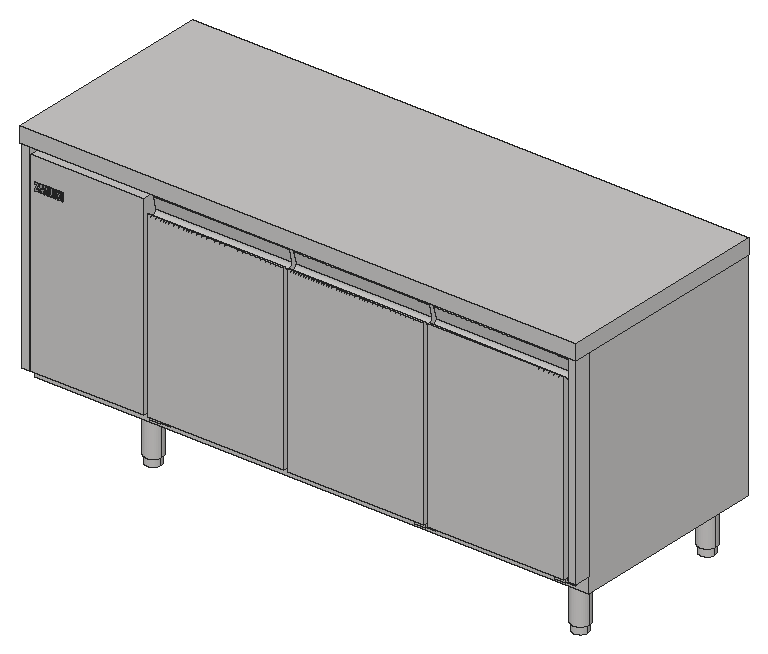
Revit family "QF_ZANUSSI_712804_ZHR3BL", category Attrezzature speciali, Revit 2018 (continued)
Definition of nested family "HPP_ZAN_BI_TN_L"
  Automatic sketch dimensions
    Split face 117 sketch curve to Extrusion 2 = 68.044 mm
    Split face 117 sketch curve to Extrusion 2 = 26.044 mm
    Split face 117 sketch curve to Extrusion 2 = 48.174 mm
    Split face 117 sketch curve to Split face 117 sketch curve = 4 mm
    Split face 118 sketch curve to Extrusion 2 = 80.956 mm
    Split face 118 sketch curve to Split face 118 sketch curve = 42 mm
    Split face 118 sketch curve to Extrusion 2 = 48.174 mm
    Split face 118 sketch curve to Split face 118 sketch curve = 4 mm
    Split face 119 sketch curve to Extrusion 2 = 56.174 mm
    Split face 119 sketch curve to Extrusion 2 = 123.044 mm
    Split face 119 sketch curve to Split face 119 sketch curve = 42 mm
    Split face 119 sketch curve to Split face 119 sketch curve = 4 mm
    Split face 120 sketch curve to Extrusion 2 = 25.956 mm
    Split face 120 sketch curve to Split face 120 sketch curve = 42 mm
    Split face 120 sketch curve to Extrusion 2 = 36.174 mm
    Split face 120 sketch curve to Split face 120 sketch curve = 4 mm
    Split face 121 sketch curve to Extrusion 2 = 44.174 mm
    Split face 121 sketch curve to Extrusion 2 = 68.044 mm
    Split face 121 sketch curve to Extrusion 2 = 26.044 mm
    Split face 121 sketch curve to Split face 121 sketch curve = 4 mm
    Split face 122 sketch curve to Extrusion 2 = 44.174 mm
    Split face 122 sketch curve to Extrusion 2 = 80.956 mm
    Split face 122 sketch curve to Split face 122 sketch curve = 42 mm
    Split face 122 sketch curve to Split face 122 sketch curve = 4 mm
    Split face 123 sketch curve to Extrusion 2 = 44.174 mm
    Split face 123 sketch curve to Extrusion 2 = 123.044 mm
    Split face 123 sketch curve to Split face 123 sketch curve = 42 mm
    Split face 123 sketch curve to Split face 123 sketch curve = 4 mm
    Split face 124 sketch curve to Extrusion 2 = 25.956 mm
    Split face 124 sketch curve to Split face 124 sketch curve = 42 mm
    Split face 124 sketch curve to Extrusion 2 = 24.174 mm
    Split face 124 sketch curve to Split face 124 sketch curve = 4 mm
    Split face 125 sketch curve to Extrusion 2 = 32.174 mm
    Split face 125 sketch curve to Extrusion 2 = 68.044 mm
    Split face 125 sketch curve to Extrusion 2 = 26.044 mm
    Split face 125 sketch curve to Split face 125 sketch curve = 4 mm
    Split face 126 sketch curve to Extrusion 2 = 32.174 mm
    Split face 126 sketch curve to Extrusion 2 = 80.956 mm
    Split face 126 sketch curve to Split face 126 sketch curve = 42 mm
    Split face 126 sketch curve to Split face 126 sketch curve = 4 mm
    Split face 127 sketch curve to Extrusion 2 = 32.174 mm
    Split face 127 sketch curve to Extrusion 2 = 123.044 mm
    Split face 127 sketch curve to Split face 127 sketch curve = 42 mm
    Split face 127 sketch curve to Split face 127 sketch curve = 4 mm
    Split face 128 sketch curve to Extrusion 2 = 25.956 mm
    Split face 128 sketch curve to Extrusion 2 = 16.174 mm
    Split face 128 sketch curve to Split face 128 sketch curve = 42 mm
    Split face 128 sketch curve to Split face 128 sketch curve = 4 mm
    Split face 129 sketch curve to Extrusion 2 = 20.174 mm
    Split face 129 sketch curve to Extrusion 2 = 68.044 mm
    Split face 129 sketch curve to Extrusion 2 = 26.044 mm
    Split face 129 sketch curve to Split face 129 sketch curve = 4 mm
    Split face 130 sketch curve to Extrusion 2 = 20.174 mm
    Split face 130 sketch curve to Extrusion 2 = 80.956 mm
    Split face 130 sketch curve to Extrusion 2 = 16.174 mm
    Split face 130 sketch curve to Split face 130 sketch curve = 42 mm
    Split face 131 sketch curve to Extrusion 2 = 20.174 mm
    Split face 131 sketch curve to Extrusion 2 = 123.044 mm
    Split face 131 sketch curve to Extrusion 2 = 16.174 mm
    Split face 131 sketch curve to Split face 131 sketch curve = 42 mm
    plane 4 to Extrusion 3 sketch curve = 17.166 mm
    Extrusion 3 sketch curve to Extrusion 3 sketch curve = 0.562 mm
    Extrusion 3 sketch curve to Extrusion 3 sketch curve = 5.406 mm
    Extrusion 3 sketch curve to Extrusion 3 sketch curve = 6.457 mm
    Extrusion 3 sketch curve to Extrusion 3 sketch curve = 5.755 mm
    Extrusion 3 sketch curve to Extrusion 3 sketch curve = 7.368 mm
    Extrusion 3 sketch curve to Extrusion 3 sketch curve = 0.734 mm
    Extrusion 3 sketch curve to Extrusion 3 sketch curve = 5.086 mm
    Extrusion 3 sketch curve to Extrusion 3 sketch curve = 5.054 mm
    Extrusion 3 sketch curve to Extrusion 3 sketch curve = 0.702 mm  (x4)
    Extrusion 3 sketch curve to Extrusion 3 sketch curve = 0.561 mm
    Extrusion 3 sketch curve to Extrusion 3 sketch curve = 3.369 mm  (x2)
    Extrusion 3 sketch curve to Extrusion 3 sketch curve = 2.807 mm
    Extrusion 3 sketch curve to Extrusion 3 sketch curve = 4.071 mm  (x2)
    Extrusion 3 sketch curve to Extrusion 3 sketch curve = 5.053 mm
    Extrusion 3 sketch curve to Extrusion 3 sketch curve = 5.114 mm
    Extrusion 3 sketch curve to Extrusion 3 sketch curve = 4.352 mm  (x2)
    Extrusion 3 sketch curve to Extrusion 3 sketch curve = 5.194 mm
    Extrusion 3 sketch curve to Extrusion 3 sketch curve = 4.913 mm  (x6)
    Extrusion 3 sketch curve to Extrusion 3 sketch curve = 5.334 mm
    Extrusion 3 sketch curve to Extrusion 3 sketch curve = 1.123 mm
    Extrusion 3 sketch curve to Extrusion 3 sketch curve = 1.444 mm
    Extrusion 3 sketch curve to Extrusion 3 sketch curve = 0.094 mm
    Extrusion 3 sketch curve to Extrusion 3 sketch curve = 2.948 mm
    Extrusion 3 sketch curve to Extrusion 3 sketch curve = 1.825 mm
    Extrusion 3 sketch curve to Extrusion 3 sketch curve = 3.004 mm
    Extrusion 3 sketch curve to Extrusion 3 sketch curve = 4.058 mm  (x2)
    Extrusion 3 sketch curve to Extrusion 3 sketch curve = 2.478 mm  (x2)
    Extrusion 3 sketch curve to Extrusion 3 sketch curve = 0.121 mm  (x4)
    Extrusion 3 sketch curve to Extrusion 3 sketch curve = 1.228 mm  (x2)
    Extrusion 3 sketch curve to Extrusion 3 sketch curve = 2.118 mm  (x2)
    Extrusion 3 sketch curve to Extrusion 3 sketch curve = 1.578 mm  (x2)
    Extrusion 3 sketch curve to Extrusion 3 sketch curve = 0.128 mm  (x2)
    Extrusion 3 sketch curve to Extrusion 3 sketch curve = 0.564 mm  (x2)
    Extrusion 3 sketch curve to Extrusion 3 sketch curve = 0.622 mm  (x2)
    Extrusion 3 sketch curve to Extrusion 3 sketch curve = 0.31 mm  (x2)
    Extrusion 3 sketch curve to Extrusion 3 sketch curve = 1.171 mm  (x2)
    Extrusion 3 sketch curve to Extrusion 3 sketch curve = 0.512 mm  (x2)
    Extrusion 3 sketch curve to Extrusion 3 sketch curve = 0.123 mm  (x2)
    Extrusion 3 sketch curve to Extrusion 3 sketch curve = 0.02 mm  (x2)
    Extrusion 3 sketch curve to Extrusion 3 sketch curve = 1.774 mm  (x2)
    Extrusion 3 sketch curve to Extrusion 3 sketch curve = 1.52 mm
    Extrusion 3 sketch curve to Extrusion 3 sketch curve = 1.351 mm
    Extrusion 3 sketch curve to Extrusion 3 sketch curve = 4.632 mm  (x3)
    Extrusion 3 sketch curve to Extrusion 3 sketch curve = 0.076 mm  (x2)
    Extrusion 3 sketch curve to Extrusion 3 sketch curve = 3.79 mm
    Extrusion 3 sketch curve to Extrusion 3 sketch curve = 0.099 mm
    Extrusion 3 sketch curve to Extrusion 3 sketch curve = 1.668 mm
    Extrusion 3 sketch curve to Extrusion 3 sketch curve = 2.203 mm
    Extrusion 3 sketch curve to Extrusion 3 sketch curve = 2.87 mm
    Extrusion 3 sketch curve to Extrusion 3 sketch curve = 0.944 mm
    Extrusion 3 sketch curve to Extrusion 3 sketch curve = 5.408 mm
    Extrusion 3 sketch curve to Extrusion 3 sketch curve = 0.724 mm
    Extrusion 3 sketch curve to plane 6 = 98.623 mm
    Extrusion 3 sketch curve to Extrusion 3 sketch curve = 0 mm  (x13)
    Extrusion 3 sketch curve to Extrusion 3 sketch curve = 3.713 mm
    Extrusion 3 sketch curve to Extrusion 3 sketch curve = 1.341 mm
    Extrusion 3 sketch curve to Extrusion 3 sketch curve = 0.181 mm
    Extrusion 3 sketch curve to Extrusion 3 sketch curve = 2.372 mm  (x2)
    Extrusion 3 sketch curve to Extrusion 3 sketch curve = 0.043 mm  (x2)
    Extrusion 3 sketch curve to Extrusion 3 sketch curve = 0.08 mm  (x2)
    Extrusion 3 sketch curve to Extrusion 3 sketch curve = 6.582 mm
    Extrusion 3 sketch curve to Extrusion 3 sketch curve = 2.869 mm
    Extrusion 3 sketch curve to Extrusion 3 sketch curve = 0.739 mm  (x2)
    Extrusion 3 sketch curve to Extrusion 3 sketch curve = 1.344 mm  (x2)
    Extrusion 3 sketch curve to Extrusion 3 sketch curve = 0.997 mm
    Extrusion 3 sketch curve to Extrusion 3 sketch curve = 1.644 mm
    Extrusion 3 sketch curve to Extrusion 3 sketch curve = 1.841 mm
    Extrusion 3 sketch curve to Extrusion 3 sketch curve = 0.915 mm
    Extrusion 3 sketch curve to Extrusion 3 sketch curve = 2.767 mm
    Extrusion 3 sketch curve to Extrusion 3 sketch curve = 1.036 mm  (x2)
    Extrusion 3 sketch curve to Extrusion 3 sketch curve = 1.835 mm  (x2)
    Extrusion 3 sketch curve to Extrusion 3 sketch curve = 3.155 mm
    Extrusion 3 sketch curve to Extrusion 3 sketch curve = 4.449 mm
    Extrusion 3 sketch curve to Extrusion 3 sketch curve = 7.159 mm
    Extrusion 3 sketch curve to Extrusion 3 sketch curve = 4.846 mm  (x2)
    Extrusion 3 sketch curve to Extrusion 3 sketch curve = 5.13 mm
    Extrusion 3 sketch curve to Extrusion 3 sketch curve = 0.393 mm  (x2)
    Extrusion 3 sketch curve to Extrusion 3 sketch curve = 1.409 mm  (x2)
    Extrusion 3 sketch curve to Extrusion 3 sketch curve = 2.182 mm  (x2)
    Extrusion 3 sketch curve to Extrusion 3 sketch curve = 0.905 mm  (x2)
    Extrusion 3 sketch curve to Extrusion 3 sketch curve = 1.201 mm  (x2)
    Extrusion 3 sketch curve to Extrusion 3 sketch curve = 0.022 mm  (x2)
    Extrusion 3 sketch curve to Extrusion 3 sketch curve = 0.182 mm  (x2)
    Extrusion 3 sketch curve to Extrusion 3 sketch curve = 14.599 mm
    Extrusion 3 sketch curve to Extrusion 3 sketch curve = 0.14 mm
    Extrusion 3 sketch curve to Extrusion 3 sketch curve = 10.917 mm
    Extrusion 3 sketch curve to Extrusion 3 sketch curve = 0.281 mm
    Extrusion 3 sketch curve to Extrusion 3 sketch curve = 0.45 mm  (x2)
    Extrusion 3 sketch curve to Extrusion 3 sketch curve = 8.142 mm
    Extrusion 3 sketch curve to Extrusion 3 sketch curve = 4.492 mm
    Extrusion 3 sketch curve to Extrusion 3 sketch curve = 0.593 mm
    Extrusion 3 sketch curve to Extrusion 3 sketch curve = 4.345 mm
    Extrusion 3 sketch curve to Extrusion 3 sketch curve = 0.9 mm  (x2)
    Extrusion 3 sketch curve to Extrusion 3 sketch curve = 3.017 mm
    Extrusion 3 sketch curve to Extrusion 3 sketch curve = 0.952 mm  (x2)
    Extrusion 3 sketch curve to Extrusion 3 sketch curve = 1.658 mm
    Extrusion 3 sketch curve to Extrusion 3 sketch curve = 1.516 mm
    Split face 132 sketch curve to Extrusion 2 = 44.591 mm
    Split face 132 sketch curve to Extrusion 2 = 79.124 mm
    Split face 132 sketch curve to Split face 132 sketch curve = 36.471 mm
    Split face 132 sketch curve to Split face 132 sketch curve = 29.3 mm
    Split face 132 sketch curve to Split face 132 sketch curve = 19.479 mm
    Split face 132 sketch curve to Split face 132 sketch curve = 15.459 mm
    Split face 132 sketch curve to Split face 132 sketch curve = 0 mm
    Split face 132 sketch curve to Split face 132 sketch curve = 17.186 mm
    Split face 133 sketch curve to Extrusion 2 = 49.463 mm
    Split face 133 sketch curve to Extrusion 2 = 79.643 mm
    Split face 133 sketch curve to Split face 133 sketch curve = 36.278 mm
    Split face 133 sketch curve to Split face 133 sketch curve = 25.875 mm
    Split face 133 sketch curve to Split face 133 sketch curve = 7.776 mm
    Split face 133 sketch curve to Split face 133 sketch curve = 17.461 mm
    Split face 133 sketch curve to Split face 133 sketch curve = 0 mm
    Split face 133 sketch curve to Split face 133 sketch curve = 18.204 mm
    Split face 134 sketch curve to Extrusion 2 = 55.5 mm
    Split face 134 sketch curve to Split face 134 sketch curve = 7.5 mm  (x2)
    Split face 134 sketch curve to Extrusion 2 = 85.5 mm
    Split face 135 sketch curve to Extrusion 2 = 65 mm
    Split face 135 sketch curve to Split face 135 sketch curve = 7.5 mm  (x2)
    Split face 135 sketch curve to Extrusion 2 = 85.5 mm
    Split face 136 sketch curve to Extrusion 2 = 65 mm
    Split face 136 sketch curve to Split face 136 sketch curve = 7.5 mm  (x2)
    Split face 136 sketch curve to Extrusion 2 = 95 mm
    Split face 137 sketch curve to Extrusion 2 = 55.5 mm
    Split face 137 sketch curve to Split face 137 sketch curve = 7.5 mm  (x2)
    Split face 137 sketch curve to Extrusion 2 = 95 mm
    Split face 138 sketch curve to Extrusion 2 = 178.044 mm
    Split face 138 sketch curve to Split face 138 sketch curve = 42 mm
    Split face 138 sketch curve to Extrusion 2 = 128.176 mm
    Split face 138 sketch curve to Split face 138 sketch curve = 4 mm
    Split face 139 sketch curve to Extrusion 2 = 178.044 mm
    Split face 139 sketch curve to Split face 139 sketch curve = 42 mm
    Split face 139 sketch curve to Extrusion 2 = 140.176 mm
    Split face 139 sketch curve to Split face 139 sketch curve = 4 mm
    Split face 140 sketch curve to Extrusion 2 = 178.044 mm
    Split face 140 sketch curve to Split face 140 sketch curve = 42 mm
    Split face 140 sketch curve to Extrusion 2 = 152.176 mm
    Split face 140 sketch curve to Split face 140 sketch curve = 4 mm
    Split face 141 sketch curve to Extrusion 2 = 178.044 mm
    Split face 141 sketch curve to Split face 141 sketch curve = 42 mm
    Split face 141 sketch curve to Extrusion 2 = 164.176 mm
    Split face 141 sketch curve to Split face 141 sketch curve = 4 mm
    Split face 142 sketch curve to Extrusion 2 = 178.044 mm
    Split face 142 sketch curve to Split face 142 sketch curve = 42 mm
    Split face 142 sketch curve to Extrusion 2 = 176.176 mm
    Split face 142 sketch curve to Split face 142 sketch curve = 4 mm
    Split face 143 sketch curve to Extrusion 2 = 178.044 mm
    Split face 143 sketch curve to Split face 143 sketch curve = 42 mm
    Split face 143 sketch curve to Extrusion 2 = 188.176 mm
    Split face 143 sketch curve to Split face 143 sketch curve = 4 mm
    Split face 144 sketch curve to Extrusion 2 = 178.044 mm
    Split face 144 sketch curve to Split face 144 sketch curve = 42 mm
    Split face 144 sketch curve to Extrusion 2 = 200.176 mm
    Split face 144 sketch curve to Split face 144 sketch curve = 4 mm
    Split face 145 sketch curve to Extrusion 2 = 178.044 mm
    Split face 145 sketch curve to Split face 145 sketch curve = 42 mm
    Split face 145 sketch curve to Extrusion 2 = 212.176 mm
    Split face 145 sketch curve to Split face 145 sketch curve = 4 mm
    Split face 146 sketch curve to Extrusion 2 = 178.044 mm
    Split face 146 sketch curve to Split face 146 sketch curve = 42 mm
    Split face 146 sketch curve to Extrusion 2 = 224.176 mm
    Split face 146 sketch curve to Split face 146 sketch curve = 4 mm
    Split face 147 sketch curve to Extrusion 2 = 178.044 mm
    Split face 147 sketch curve to Split face 147 sketch curve = 42 mm
    Split face 147 sketch curve to Extrusion 2 = 236.176 mm
    Split face 147 sketch curve to Split face 147 sketch curve = 4 mm
    Split face 148 sketch curve to Extrusion 2 = 178.044 mm
    Split face 148 sketch curve to Split face 148 sketch curve = 42 mm
    Split face 148 sketch curve to Extrusion 2 = 248.176 mm
    Split face 148 sketch curve to Split face 148 sketch curve = 4 mm
    Split face 149 sketch curve to Extrusion 2 = 178.044 mm
    Split face 149 sketch curve to Split face 149 sketch curve = 42 mm
    Split face 149 sketch curve to Extrusion 2 = 260.176 mm
    Split face 149 sketch curve to Split face 149 sketch curve = 4 mm
    Split face 150 sketch curve to Extrusion 2 = 178.044 mm
    Split face 150 sketch curve to Split face 150 sketch curve = 42 mm
    Split face 150 sketch curve to Extrusion 2 = 272.176 mm
    Split face 150 sketch curve to Split face 150 sketch curve = 4 mm
    Split face 151 sketch curve to Extrusion 2 = 178.044 mm
    Split face 151 sketch curve to Split face 151 sketch curve = 42 mm
    Split face 151 sketch curve to Extrusion 2 = 284.176 mm
    Split face 151 sketch curve to Split face 151 sketch curve = 4 mm
    Split face 152 sketch curve to Extrusion 2 = 178.044 mm
    Split face 152 sketch curve to Split face 152 sketch curve = 42 mm
    Split face 152 sketch curve to Extrusion 2 = 296.176 mm
    Split face 152 sketch curve to Split face 152 sketch curve = 4 mm
    Split face 153 sketch curve to Extrusion 2 = 178.044 mm
    Split face 153 sketch curve to Split face 153 sketch curve = 42 mm
    Split face 153 sketch curve to Extrusion 2 = 308.176 mm
    Split face 153 sketch curve to Split face 153 sketch curve = 4 mm
    Split face 154 sketch curve to Extrusion 2 = 178.044 mm
    Split face 154 sketch curve to Split face 154 sketch curve = 42 mm
    Split face 154 sketch curve to Extrusion 2 = 192.174 mm
    Split face 154 sketch curve to Split face 154 sketch curve = 4 mm
    Split face 155 sketch curve to Extrusion 2 = 178.044 mm
    Split face 155 sketch curve to Split face 155 sketch curve = 42 mm
    Split face 155 sketch curve to Extrusion 2 = 180.174 mm
    Split face 155 sketch curve to Split face 155 sketch curve = 4 mm
    Split face 156 sketch curve to Extrusion 2 = 178.044 mm
    Split face 156 sketch curve to Split face 156 sketch curve = 42 mm
    Split face 156 sketch curve to Extrusion 2 = 168.174 mm
    Split face 156 sketch curve to Split face 156 sketch curve = 4 mm
    Split face 157 sketch curve to Extrusion 2 = 178.044 mm
    Split face 157 sketch curve to Split face 157 sketch curve = 42 mm
    Split face 157 sketch curve to Extrusion 2 = 156.174 mm
    Split face 157 sketch curve to Split face 157 sketch curve = 4 mm
    Split face 158 sketch curve to Extrusion 2 = 178.044 mm
    Split face 158 sketch curve to Split face 158 sketch curve = 42 mm
    Split face 158 sketch curve to Extrusion 2 = 144.174 mm
    Split face 158 sketch curve to Split face 158 sketch curve = 4 mm
    Split face 159 sketch curve to Extrusion 2 = 178.044 mm
    Split face 159 sketch curve to Split face 159 sketch curve = 42 mm
    Split face 159 sketch curve to Extrusion 2 = 132.174 mm
    Split face 159 sketch curve to Split face 159 sketch curve = 4 mm
    Split face 160 sketch curve to Extrusion 2 = 178.044 mm
    Split face 160 sketch curve to Split face 160 sketch curve = 42 mm
    Split face 160 sketch curve to Extrusion 2 = 120.174 mm
    Split face 160 sketch curve to Split face 160 sketch curve = 4 mm
    Split face 161 sketch curve to Extrusion 2 = 116.174 mm
    Split face 161 sketch curve to Extrusion 2 = 178.044 mm
    Split face 161 sketch curve to Split face 161 sketch curve = 42 mm
    Split face 161 sketch curve to Split face 161 sketch curve = 4 mm
    Split face 162 sketch curve to Extrusion 2 = 104.174 mm
    Split face 162 sketch curve to Extrusion 2 = 178.044 mm
    Split face 162 sketch curve to Split face 162 sketch curve = 42 mm
    Split face 162 sketch curve to Split face 162 sketch curve = 4 mm
    Split face 163 sketch curve to Extrusion 2 = 92.174 mm
    Split face 163 sketch curve to Extrusion 2 = 178.044 mm
    Split face 163 sketch curve to Split face 163 sketch curve = 42 mm
    Split face 163 sketch curve to Split face 163 sketch curve = 4 mm
    Split face 164 sketch curve to Extrusion 2 = 80.174 mm
    Split face 164 sketch curve to Extrusion 2 = 178.044 mm
    Split face 164 sketch curve to Split face 164 sketch curve = 42 mm
    Split face 164 sketch curve to Split face 164 sketch curve = 4 mm
    Split face 165 sketch curve to Extrusion 2 = 68.174 mm
    Split face 165 sketch curve to Extrusion 2 = 178.044 mm
    Split face 165 sketch curve to Split face 165 sketch curve = 42 mm
    Split face 165 sketch curve to Split face 165 sketch curve = 4 mm
    Split face 166 sketch curve to Extrusion 2 = 56.174 mm
    Split face 166 sketch curve to Extrusion 2 = 178.044 mm
    Split face 166 sketch curve to Split face 166 sketch curve = 42 mm
    Split face 166 sketch curve to Split face 166 sketch curve = 4 mm
    Split face 167 sketch curve to Extrusion 2 = 44.174 mm
    Split face 167 sketch curve to Extrusion 2 = 178.044 mm
    Split face 167 sketch curve to Split face 167 sketch curve = 42 mm
    Split face 167 sketch curve to Split face 167 sketch curve = 4 mm
    Split face 168 sketch curve to Extrusion 2 = 32.174 mm
    Split face 168 sketch curve to Extrusion 2 = 178.044 mm
    Split face 168 sketch curve to Split face 168 sketch curve = 42 mm
    Split face 168 sketch curve to Split face 168 sketch curve = 4 mm
    Split face 169 sketch curve to Extrusion 2 = 20.174 mm
    Split face 169 sketch curve to Extrusion 2 = 178.044 mm
    Split face 169 sketch curve to Extrusion 2 = 16.174 mm
    Split face 169 sketch curve to Split face 169 sketch curve = 42 mm
    Split face 170 sketch curve to Extrusion 2 = 135.956 mm
    Split face 170 sketch curve to Split face 170 sketch curve = 42 mm
    Split face 170 sketch curve to Extrusion 2 = 128.176 mm
    Split face 170 sketch curve to Split face 170 sketch curve = 4 mm
    Split face 171 sketch curve to Extrusion 2 = 135.956 mm
    Split face 171 sketch curve to Split face 171 sketch curve = 42 mm
    Split face 171 sketch curve to Extrusion 2 = 140.176 mm
    Split face 171 sketch curve to Split face 171 sketch curve = 4 mm
    Split face 172 sketch curve to Extrusion 2 = 135.956 mm
    Split face 172 sketch curve to Split face 172 sketch curve = 42 mm
    Split face 172 sketch curve to Extrusion 2 = 152.176 mm
    Split face 172 sketch curve to Split face 172 sketch curve = 4 mm
    Split face 173 sketch curve to Extrusion 2 = 135.956 mm
    Split face 173 sketch curve to Split face 173 sketch curve = 42 mm
    Split face 173 sketch curve to Extrusion 2 = 164.176 mm
    Split face 173 sketch curve to Split face 173 sketch curve = 4 mm
    Split face 174 sketch curve to Extrusion 2 = 135.956 mm
    Split face 174 sketch curve to Split face 174 sketch curve = 42 mm
    Split face 174 sketch curve to Extrusion 2 = 176.176 mm
    Split face 174 sketch curve to Split face 174 sketch curve = 4 mm
    Split face 175 sketch curve to Extrusion 2 = 135.956 mm
    Split face 175 sketch curve to Split face 175 sketch curve = 42 mm
    Split face 175 sketch curve to Extrusion 2 = 188.176 mm
    Split face 175 sketch curve to Split face 175 sketch curve = 4 mm
    Split face 176 sketch curve to Extrusion 2 = 135.956 mm
    Split face 176 sketch curve to Split face 176 sketch curve = 42 mm
    Split face 176 sketch curve to Extrusion 2 = 200.176 mm
    Split face 176 sketch curve to Split face 176 sketch curve = 4 mm
    Split face 177 sketch curve to Extrusion 2 = 135.956 mm
    Split face 177 sketch curve to Split face 177 sketch curve = 42 mm
    Split face 177 sketch curve to Extrusion 2 = 212.176 mm
    Split face 177 sketch curve to Split face 177 sketch curve = 4 mm
    Split face 178 sketch curve to Extrusion 2 = 135.956 mm
    Split face 178 sketch curve to Split face 178 sketch curve = 42 mm
    Split face 178 sketch curve to Extrusion 2 = 224.176 mm
    Split face 178 sketch curve to Split face 178 sketch curve = 4 mm
    Split face 179 sketch curve to Extrusion 2 = 135.956 mm
    Split face 179 sketch curve to Split face 179 sketch curve = 42 mm
    Split face 179 sketch curve to Extrusion 2 = 236.176 mm
    Split face 179 sketch curve to Split face 179 sketch curve = 4 mm
    Split face 180 sketch curve to Extrusion 2 = 135.956 mm
    Split face 180 sketch curve to Split face 180 sketch curve = 42 mm
    Split face 180 sketch curve to Extrusion 2 = 248.176 mm
    Split face 180 sketch curve to Split face 180 sketch curve = 4 mm
    Split face 181 sketch curve to Extrusion 2 = 135.956 mm
    Split face 181 sketch curve to Split face 181 sketch curve = 42 mm
    Split face 181 sketch curve to Extrusion 2 = 260.176 mm
    Split face 181 sketch curve to Split face 181 sketch curve = 4 mm
    Split face 182 sketch curve to Extrusion 2 = 135.956 mm
    Split face 182 sketch curve to Split face 182 sketch curve = 42 mm
    Split face 182 sketch curve to Extrusion 2 = 272.176 mm
    Split face 182 sketch curve to Split face 182 sketch curve = 4 mm
    Split face 183 sketch curve to Extrusion 2 = 135.956 mm
    Split face 183 sketch curve to Split face 183 sketch curve = 42 mm
    Split face 183 sketch curve to Extrusion 2 = 284.176 mm
    Split face 183 sketch curve to Split face 183 sketch curve = 4 mm
    Split face 184 sketch curve to Extrusion 2 = 135.956 mm
    Split face 184 sketch curve to Split face 184 sketch curve = 42 mm
    Split face 184 sketch curve to Extrusion 2 = 296.176 mm
    Split face 184 sketch curve to Split face 184 sketch curve = 4 mm
    Split face 185 sketch curve to Extrusion 2 = 135.956 mm
    Split face 185 sketch curve to Split face 185 sketch curve = 42 mm
    Split face 185 sketch curve to Extrusion 2 = 308.176 mm
    Split face 185 sketch curve to Split face 185 sketch curve = 4 mm
    Split face 186 sketch curve to Extrusion 2 = 135.956 mm
    Split face 186 sketch curve to Split face 186 sketch curve = 42 mm
    Split face 186 sketch curve to Extrusion 2 = 192.174 mm
    Split face 186 sketch curve to Split face 186 sketch curve = 4 mm
    Split face 187 sketch curve to Extrusion 2 = 135.956 mm
    Split face 187 sketch curve to Split face 187 sketch curve = 42 mm
    Split face 187 sketch curve to Extrusion 2 = 180.174 mm
    Split face 187 sketch curve to Split face 187 sketch curve = 4 mm
    Split face 188 sketch curve to Extrusion 2 = 135.956 mm
    Split face 188 sketch curve to Split face 188 sketch curve = 42 mm
    Split face 188 sketch curve to Extrusion 2 = 168.174 mm
    Split face 188 sketch curve to Split face 188 sketch curve = 4 mm
    Split face 189 sketch curve to Extrusion 2 = 135.956 mm
    Split face 189 sketch curve to Split face 189 sketch curve = 42 mm
    Split face 189 sketch curve to Extrusion 2 = 156.174 mm
    Split face 189 sketch curve to Split face 189 sketch curve = 4 mm
    Split face 190 sketch curve to Extrusion 2 = 135.956 mm
    Split face 190 sketch curve to Split face 190 sketch curve = 42 mm
    Split face 190 sketch curve to Extrusion 2 = 144.174 mm
    Split face 190 sketch curve to Split face 190 sketch curve = 4 mm
    Split face 191 sketch curve to Extrusion 2 = 135.956 mm
    Split face 191 sketch curve to Split face 191 sketch curve = 42 mm
    Split face 191 sketch curve to Extrusion 2 = 132.174 mm
    Split face 191 sketch curve to Split face 191 sketch curve = 4 mm
    Split face 192 sketch curve to Extrusion 2 = 135.956 mm
    Split face 192 sketch curve to Split face 192 sketch curve = 42 mm
    Split face 192 sketch curve to Extrusion 2 = 120.174 mm
    Split face 192 sketch curve to Split face 192 sketch curve = 4 mm
    Split face 193 sketch curve to Extrusion 2 = 135.956 mm
    Split face 193 sketch curve to Split face 193 sketch curve = 42 mm
    Split face 193 sketch curve to Extrusion 2 = 108.174 mm
    Split face 193 sketch curve to Split face 193 sketch curve = 4 mm
    Split face 194 sketch curve to Extrusion 2 = 135.956 mm
    Split face 194 sketch curve to Split face 194 sketch curve = 42 mm
    Split face 194 sketch curve to Extrusion 2 = 96.174 mm
    Split face 194 sketch curve to Split face 194 sketch curve = 4 mm
    Split face 195 sketch curve to Extrusion 2 = 135.956 mm
    Split face 195 sketch curve to Split face 195 sketch curve = 42 mm
    Split face 195 sketch curve to Extrusion 2 = 84.174 mm
    Split face 195 sketch curve to Split face 195 sketch curve = 4 mm
    Split face 196 sketch curve to Extrusion 2 = 80.174 mm
    Split face 196 sketch curve to Extrusion 2 = 135.956 mm
    Split face 196 sketch curve to Split face 196 sketch curve = 42 mm
    Split face 196 sketch curve to Split face 196 sketch curve = 4 mm
    Split face 197 sketch curve to Extrusion 2 = 68.174 mm
    Split face 197 sketch curve to Extrusion 2 = 135.956 mm
    Split face 197 sketch curve to Split face 197 sketch curve = 42 mm
    Split face 197 sketch curve to Split face 197 sketch curve = 4 mm
    Split face 198 sketch curve to Extrusion 2 = 56.174 mm
    Split face 198 sketch curve to Extrusion 2 = 135.956 mm
    Split face 198 sketch curve to Split face 198 sketch curve = 42 mm
    Split face 198 sketch curve to Split face 198 sketch curve = 4 mm
    Split face 199 sketch curve to Extrusion 2 = 44.174 mm
    Split face 199 sketch curve to Extrusion 2 = 135.956 mm
    Split face 199 sketch curve to Split face 199 sketch curve = 42 mm
    Split face 199 sketch curve to Split face 199 sketch curve = 4 mm
    Split face 200 sketch curve to Extrusion 2 = 32.174 mm
    Split face 200 sketch curve to Extrusion 2 = 135.956 mm
    Split face 200 sketch curve to Split face 200 sketch curve = 42 mm
    Split face 200 sketch curve to Split face 200 sketch curve = 4 mm
    Split face 201 sketch curve to Extrusion 2 = 20.174 mm
    Split face 201 sketch curve to Extrusion 2 = 135.956 mm
    Split face 201 sketch curve to Extrusion 2 = 16.174 mm
    Split face 201 sketch curve to Split face 201 sketch curve = 42 mm
Definition of nested family "HPP_ZAN_SD_L"
  Parameters
    Show Clearance [instance] = yes
    Default Elevation = 1219.2 mm
  Reference planes
    plane 1 "Center (Front/Back)": y = 0
    plane 2: z = 0
    plane 3 "Center (Left/Right)": x = 0
    plane 4: x = -234
    plane 5: x = 234
  Forms (mm)
    Extrusion 1, solid
      sketch origin (0, 0, 0) x (1, 0, 0) y (0, 1, 0)
        loop
          line (-1219.2, 1219.2) -> (-1219.2, -1219.2) -> (1219.2, -1219.2) -> (1219.2, 1219.2) -> (-1219.2, 1219.2)
      from 0 to -304.8
    Extrusion 2, solid
      sketch origin (0, 0, -3) x (0, 1, 0) y (0, 0, 1)
        loop
          line (-314, 53) -> (-314, 3) -> (314, 3) -> (314, 29) -> (274.395, 20)
          arc (274.395, 20) -> (260.396, 33.803) -> (274, 47.994) r 14
          line (274, 47.994) -> (274, 53) -> (-314, 53)
      from -220 to 220
    Extrusion 3, solid
      sketch origin (0, 0, 0) x (0, 1, 0) y (0, 0, -1)
        loop
          line (-323.003, -40.312) -> (-323.003, -12.259) -> (-323.003, 0) -> (-351.511, 0) -> (-351.511, -2.5) -> (-325.503, -2.5) -> (-325.503, -42.812) -> (-316.501, -42.812) -> (-316.501, -40.312) -> (-323.003, -40.312)
        loop
          line (-314, -38.311) -> (-314, -11.804) -> (-319.752, -11.804) -> (-319.752, -14.304) -> (-316.501, -14.304) -> (-316.501, -38.311) -> (-314, -38.311)
        loop
          line (315.003, -27.948) -> (317.503, -27.948) -> (317.503, -2.5) -> (327.503, -2.5) -> (327.503, 0) -> (315.003, 0) -> (315.003, -2.948) -> (315.003, -27.948)
      from 185 to 220
    Extrusion 4, solid, visible <- "Show Clearance", detail levels coarse
      sketch origin (0, 0, -3) x (-1, 0, 0) y (0, 0, -1)
        loop
          line (220, -53) -> (-220, -53)
          arc (-220, -53) -> (-79.636, -340.04) -> (220, -451) r 430
          line (220, -451) -> (220, -53)
      from -314 to 314
  Lines and regions (mm)
    symbolic lines
      curve 1: arc (219.599, 0, 55) -> (95.934, 0, 321.503) -> (-170, 0, 446.39) r 430
      curve 2: line (-220, 0, 55) -> (-220, 0, 448)
      curve 3: line (-170, 0, 55) -> (-170, 0, 448)
      curve 4: line (-220, 0, 448) -> (-170, 0, 448)
  Dimensions and locks
    plane 4 to plane 3 "Center (Left/Right)" to plane 5 = 234 mm locked, 234 mm locked
    aligned and locked: plane 2 to Extrusion 1
    aligned and locked: level to Extrusion 1
Definition of nested family "HPP_ZAN_SD_R"
  Parameters
    Show Clearance [instance] = yes
    Default Elevation = 1219.2 mm
  Reference planes
    plane 1 "Center (Front/Back)": y = 0
    plane 2: z = 0
    plane 3 "Center (Left/Right)": x = 0
    plane 4: x = -234
    plane 5: x = 234
  Forms (mm)
    Extrusion 1, solid
      sketch origin (0, 0, 0) x (1, 0, 0) y (0, 1, 0)
        loop
          line (-1219.2, 1219.2) -> (-1219.2, -1219.2) -> (1219.2, -1219.2) -> (1219.2, 1219.2) -> (-1219.2, 1219.2)
      from 0 to -304.8
    Extrusion 2, solid
      sketch origin (0, 0, -3) x (0, 1, 0) y (0, 0, -1)
        loop
          line (-314, -53) -> (274, -53) -> (274, -47.994)
          arc (274, -47.994) -> (260.396, -33.803) -> (274.395, -20) r 14
          line (274.395, -20) -> (314, -29) -> (314, -3) -> (-314, -3) -> (-314, -53)
      from -220 to 220
    Extrusion 3, solid
      sketch origin (0, 0, 0) x (0, 1, 0) y (0, 0, 1)
        loop
          line (-323.003, 40.312) -> (-316.501, 40.312) -> (-316.501, 42.812) -> (-325.503, 42.812) -> (-325.503, 2.5) -> (-351.511, 2.5) -> (-351.511, 0) -> (-323.003, 0) -> (-323.003, 12.259) -> (-323.003, 40.312)
        loop
          line (-314, 38.311) -> (-316.501, 38.311) -> (-316.501, 14.304) -> (-319.752, 14.304) -> (-319.752, 11.804) -> (-314, 11.804) -> (-314, 38.311)
        loop
          line (315.003, 27.948) -> (315.003, 2.948) -> (315.003, 0) -> (327.503, 0) -> (327.503, 2.5) -> (317.503, 2.5) -> (317.503, 27.948) -> (315.003, 27.948)
      from 185 to 220
    Extrusion 4, solid, visible <- "Show Clearance", detail levels coarse
      sketch origin (0, 0, -3) x (1, 0, 0) y (0, 0, 1)
        loop
          line (220, 53) -> (220, 451)
          arc (220, 451) -> (-79.636, 340.04) -> (-220, 53) r 430
          line (-220, 53) -> (220, 53)
      from -314 to 314
  Lines and regions (mm)
    symbolic lines
      curve 1: arc (-219.599, 0, 55) -> (-95.934, 0, 321.503) -> (170, 0, 446.39) r 430
      curve 2: line (220, 0, 55) -> (220, 0, 448)
      curve 3: line (170, 0, 55) -> (170, 0, 448)
      curve 4: line (220, 0, 448) -> (170, 0, 448)
  Dimensions and locks
    plane 4 to plane 3 "Center (Left/Right)" to plane 5 = 234 mm locked, 234 mm locked
    aligned and locked: plane 2 to Extrusion 1
    aligned and locked: level to Extrusion 1
Definition of nested family "HPP_Refrigerator"
  Reference planes
    plane 1 "Center (Front/Back)": y = 0
    plane 2: z = 0
    plane 3 "Center (Left/Right)": x = 0
  Lines and regions (mm)
    detail lines, in view "Ref. Level"
      curve 1: spline (-500, 190, 0) -> (-493.185, 166.706, 0) -> (-473.205, 145, 0) -> (-441.421, 126.36, 0) -> (-400, 112.058, 0) -> (-351.764, 103.067, 0) -> (-300, 100, 0) -> (-248.236, 103.067, 0) -> (-200, 112.058, 0) -> (-158.579, 126.36, 0) -> (-126.795, 145, 0) -> (-106.815, 166.706, 0) -> (-100, 190, 0) -> (-106.815, 213.294, 0) -> (-126.795, 235, 0) -> (-158.579, 253.64, 0) -> (-200, 267.942, 0) -> (-248.236, 276.933, 0) -> (-300, 280, 0) -> (-351.764, 276.933, 0) -> (-400, 267.942, 0) -> (-441.421, 253.64, 0) -> (-473.205, 235, 0) -> (-493.185, 213.294, 0) -> (-500, 190, 0)
      curve 2: line (-300, 130, 0) -> (-300, 250, 0)
      curve 3: line (-351.962, 220, 0) -> (-248.038, 160, 0)
      curve 4: line (-351.962, 160, 0) -> (-248.038, 220, 0)
      curve 5: line (-280.884, 246.873, 0) -> (-300, 225, 0)
      curve 6: line (-300, 225, 0) -> (-319.116, 246.873, 0)
      curve 7: line (-330.311, 207.5, 0) -> (-339.696, 234.992, 0)
      curve 8: line (-358.812, 201.882, 0) -> (-330.311, 207.5, 0)
      curve 9: line (-330.311, 172.5, 0) -> (-358.812, 178.118, 0)
      curve 10: line (-339.696, 145.008, 0) -> (-330.311, 172.5, 0)
      curve 11: line (-300, 155, 0) -> (-319.116, 133.127, 0)
      curve 12: line (-280.884, 133.127, 0) -> (-300, 155, 0)
      curve 13: line (-269.689, 172.5, 0) -> (-260.304, 145.008, 0)
      curve 14: line (-241.188, 178.118, 0) -> (-269.689, 172.5, 0)
      curve 15: line (-269.689, 207.5, 0) -> (-241.188, 201.882, 0)
      curve 16: line (-260.304, 234.992, 0) -> (-269.689, 207.5, 0)
Types (2, lengths in mm): name | URL | Produttore | Phase | Modello | Descrizione
  (no name) | 0 | 0 | 0 | 0 | 0
  Standard | "http://www.zanussiprofessional.com" | "Zanussi" | 1 | "ZHR3BL" | "REFR.COUNTER 440L 3xDOOR CU_LFT A304"
